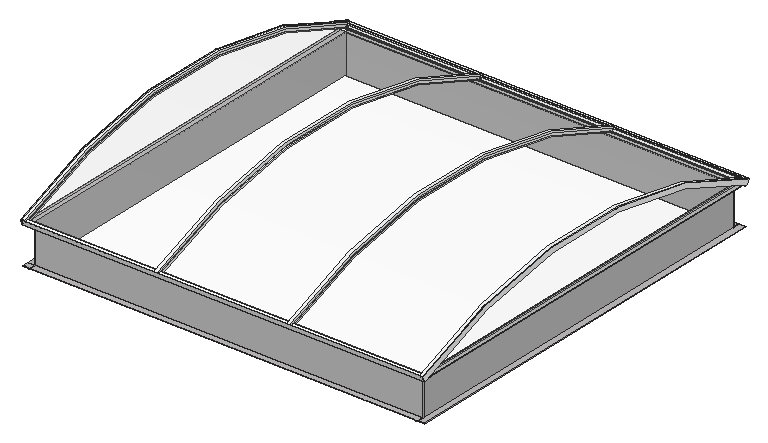
Revit family "Aluco Skylight Therm (pl)", category Modele ogólne, Revit 2020
Family settings
  Może być obiektem nadrzędnym dla zbrojenia = Nie
  Wymiar okrągłego złącza = Użyj średnicy
  Typ części = Normalny
  Numer OmniClass = 23.30.30.00
  Tytuł OmniClass = Skylights
  Oparty na płaszczyźnie roboczej = Tak
  Zawsze pionowo = Nie
  Tnij formami wycięć po wczytaniu = Nie
  Współdzielony = Nie
  Punkt obliczania pomieszczeń = Nie
Parameters
  ►Zakończenie prawe - widoczność [instance] = if(and(Podłużne nachylenie połaci = 0.00°, Zakończenie prawe), 1 < 2, 1 > 2)  # yes
  ►Wysokość pomocnicza - grubość [instance] = if([Grubość wypełnienia (wariant)] < 3, 24.2 mm, if([Grubość wypełnienia (wariant)] < 5, 29 mm, if([Grubość wypełnienia (wariant)] < 7, 33 mm, if([Grubość wypełnienia (wariant)] < 9, 38 mm, if([Grubość wypełnienia (wariant)] < 11, 33 mm, if([Grubość wypełnienia (wariant)] < 13, 39 mm, 45 mm))))))  # 33 mm
  ►Wysokość pomocnicza [instance] = Promień gięcia - 0.5 * sqrt((4 * ((Promień gięcia) ^ 2)) - ((Rozpiętość świetlika) ^ 2))  # 361.927 mm
  ►Wymiar pomocniczy [instance] = if(Podłużne nachylenie połaci > 0.00°, 400 mm, if(Poprzeczne nachylenie połaci > 0.00°, 0 mm, 180 mm))  # 180 mm
  ►Widoczność prawego zakończenia [instance] = if(Podłużne nachylenie połaci > 0.00°, 1 > 2, 1 < 2)  # yes
  ►Odsunięcie pomocnicze 3 [instance] = if(Podłużne nachylenie połaci > 0.00°, Długość otworu, Długość otworu + 1000 mm)  # 4000 mm
  ►Odsunięcie pomocnicze 2 [instance] = ►Odsunięcie pomocnicze 1 + [Zwężenie otworu (długość)]  # 3000 mm
  ►Odsunięcie pomocnicze 1 [instance] = if(Podłużne nachylenie połaci > 0.00°, 6000 mm, Długość otworu)  # 3000 mm
  ►Nachylenie połaci - obliczenia [instance] = if(Podłużne nachylenie połaci = 0.00°, 0.00°, if(Podłużne nachylenie połaci - Nachylenie połaci przeciwległej < 0.00°, Podłużne nachylenie połaci + (((Podłużne nachylenie połaci - Nachylenie połaci przeciwległej) * (-1)) / 2), if(Podłużne nachylenie połaci - Nachylenie połaci przeciwległej = 0.00°, Podłużne nachylenie połaci, Podłużne nachylenie połaci - ((Podłużne nachylenie połaci - Nachylenie połaci przeciwległej) / 2))))  # 0.00°
  Zwężenie otworu prawego (długość) [instance] = if(Podłużne nachylenie połaci > 0.00°, 100 mm, [Zwężenie otworu (długość)])  # 0 mm
  Zwężenie otworu (rozpiętość) [instance] = 0 mm
  Zwężenie otworu (długość) [instance] = 0 mm
  Zakończenie prawe [instance] = yes
  Zakończenie lewe [instance] = yes
  Wysokość podstawy [instance] = 300 mm
  Współczynnik przenikania ciepła [instance] = "Do weryfikacji po kontakcie z Producentem"  # constant formula
  URL produktu = "https://aluco.com.pl/oferta/swietliki-dachowe/swietliki-lukowe-aluco-skylight-sl/"
  URL = "https://aluco.com.pl/"
  Rozstaw podziału [instance] = (Długość świetlika - 28 mm) / (Ilość podziałów świetlika + 1)  # 1024 mm
  Rozpiętość świetlika [instance] = if(Rozpiętość otworu - 2 * [Zwężenie otworu (rozpiętość)] + 2 * Przestrzeń na izolację termiczną < 1500 mm, 1500 mm, if(Rozpiętość otworu - 2 * [Zwężenie otworu (rozpiętość)] + 2 * Przestrzeń na izolację termiczną > 6200 mm, 6200 mm, Rozpiętość otworu - 2 * [Zwężenie otworu (rozpiętość)] + 2 * Przestrzeń na izolację termiczną))  # 3100 mm
  Rozpiętość otworu [instance] = 3000 mm
  Rozpiętość [instance] = "od 1500 mm do 6200 mm"  # constant formula
  Przestrzeń na izolację termiczną (wariant) [instance] = 0
  Przestrzeń na izolację termiczną [instance] = if([Przestrzeń na izolację termiczną (wariant)] < 2, 50 mm, if([Przestrzeń na izolację termiczną (wariant)] < 3, 80 mm, if([Przestrzeń na izolację termiczną (wariant)] < 4, 100 mm, if([Przestrzeń na izolację termiczną (wariant)] < 5, 150 mm, 200 mm))))  # 50 mm
  Promień gięcia' [instance] = Promień gięcia - 5 mm  # 3495 mm
  Promień gięcia" [instance] = Promień gięcia + Grubość płyty + 15 mm  # 3535 mm
  Promień gięcia [instance] = 175 * Grubość płyty  # 3500 mm
  Producent = "ALUCO SYSTEM SP. Z O.O"  # constant formula
  Poprzeczne nachylenie połaci [instance] = 0.00°
  Opis = "Pasma świetlne wykonane zgodnie z wymaganiami normy PN-EN14963:2006, ze znakowaniem CE"  # constant formula
  Odporność na obciążenie odrywające = "UL 2500"  # constant formula
  Odporność na obciążenie dociskające = "DL 2500"  # constant formula
  Obraz typu = ALUCO SKYLIGHT SL.png
  Nachylenie połaci przeciwległej [instance] = 0.00°
  Podłużne nachylenie połaci [instance] = 0.00°
  Model = "Skylight Therm"  # constant formula
  Materiał płyt = Aluco - poliwęglan
  Materiał profili = Aluco - aluminium
  Materiał podstawy = Aluco - stal ocynkowana
  Kraty antyupadkowe ALUCO SAFETY GRID [instance] = yes
  Komentarze do typu = "Pasma świetlne łukowe"
  Klasa bezpieczeństwa przed upadkiem z wysokości = "SB 1200"  # constant formula
  Klasa bezpieczeństwa pożarowego = "BRoof (t1)"  # constant formula
  Karta katalogowa [instance] = "https://aluco.com.pl/download/AlucoSkylight.pdf"
  Ilość profili łukowych [instance] = if(0 = 0, Ilość podziałów świetlika + 2, Ilość podziałów świetlika + 2)  # 4
  Ilość podziałów świetlika [instance] = roundup((Długość świetlika - 28 mm) / 1050 mm) - 1  # 2
  IfcExportAs = "\"IfcWindowType\""
  Grubość wypełnienia (wariant) [instance] = 6
  Grubość płyty [instance] = if([Grubość wypełnienia (wariant)] < 3, 10 mm, if([Grubość wypełnienia (wariant)] < 5, 16 mm, if([Grubość wypełnienia (wariant)] < 7, 20 mm, if([Grubość wypełnienia (wariant)] < 9, 25 mm, if([Grubość wypełnienia (wariant)] < 11, 20 mm, if([Grubość wypełnienia (wariant)] < 13, 26 mm, 32 mm))))))  # 20 mm
  Grubość blachy podstawy (wariant) [instance] = 1
  Grubość blachy podstawy [instance] = if([Grubość blachy podstawy (wariant)] < 2, 1.5 mm, 2 mm)  # 1.5 mm
  Długość świetlika [instance] = Długość otworu - 2 * [Zwężenie otworu (długość)] + 2 * Przestrzeń na izolację termiczną  # 3100 mm
  Długość otworu [instance] = 3000 mm
  Default Elevation = 0 mm  # constant formula
Reference planes
  plane 1 "Środek (Przód/Tył)": y = 0
  plane 2: z = 0
  plane 3 "Środek (Lewa/Prawa)": x = 0
  plane 4: x = 3000
  plane 5: y = -1500
  plane 6: y = 1500
  plane 7: x = -50
  plane 8: y = -1550
  plane 9: y = 1550
  plane 10: x = 3050
  plane 11: x = 1500
  plane 12: z = 300
  plane 13: z = -800.014
  plane 14: y = -1500
  plane 15: y = 1500
  plane 16: x = 3000
  plane 17: z = 0
  plane 18: z = 298.5
  plane 19: z = 1.5
  plane 20: x = 0
  plane 21: z = 661.927
  plane 22: z = 300
  plane 23: z = 694.927
  plane 24 "Odsunięcie 2": x = 3000
  plane 25 "Odsunięcie 1": x = 3000
  plane 26: x = 3660
  plane 27: x = 4000
  plane 28 "Odsunięcie 4": x = 3000
  plane 29 "Odsunięcie 5": x = 3050
Forms (mm)
  Extrusion 1, solid, material "Aluco - poliwęglan" <- "Materiał płyt", visible <- "Zakończenie lewe", detail levels medium+fine
    sketch origin (-50, 2000, 1200) x (0, 1, 0) y (0, 0, 1)
      loop
        line (-3550, -900) -> (-450, -900)
        arc (-450, -900) -> (-2000, -538.073) -> (-3550, -900) r 3500
    from 0 to 20
  Sweep 2, solid, material "Aluco - aluminium" <- "Materiał profili", detail levels fine
    path in 3D
      loop
        line (-50, 1558.857, 317.932) -> (3050, 1558.857, 317.932)
    profile "Profil prosty : Profil prosty" origin (1500, 1558.857, 317.932) x (0, -0.442857, -0.896592) y (0, 0.896592, -0.442857)
      loop
        line (26.358, 0) -> (33.614, 0) -> (33.614, 4.683) -> (-16.625, 4.683) -> (-16.625, 3.483) -> (-6, 3.483) -> (-6, -20) -> (0, -20) -> (0, 0) -> (20, 0) -> (20, -31.791) -> (26.358, -31.791) -> (26.358, 0)
  Sweep 3, solid, material "Aluco - poliwęglan" <- "Materiał płyt", detail levels medium+fine
    path in 3D
      loop
        arc (3050, -1550, 300) -> (3050, 0, 661.927) -> (3050, 1550, 300) r 3500
    profile origin (3050, 0, 661.927) x (0, 0, 1) y (1, 0, 0)
      loop
        line (0, 0) -> (0, -3100) -> (20, -3100) -> (20, 0) -> (0, 0)
  Sweep 4, solid, material "Aluco - aluminium" <- "Materiał profili", detail levels fine
    path in 3D
      loop
        line (3050, -1558.857, 317.932) -> (-50, -1558.857, 317.932)
    profile "Profil prosty : Profil prosty" origin (1500, -1558.857, 317.932) x (0, 0.442857, -0.896592) y (0, -0.896592, -0.442857)
      loop
        line (26.358, 0) -> (33.614, 0) -> (33.614, 4.683) -> (-16.625, 4.683) -> (-16.625, 3.483) -> (-6, 3.483) -> (-6, -20) -> (0, -20) -> (0, 0) -> (20, 0) -> (20, -31.791) -> (26.358, -31.791) -> (26.358, 0)
  Sweep 5, solid, material "Aluco - stal ocynkowana" <- "Materiał podstawy", detail levels medium+fine
    path in 3D
      loop
        line (3000, 1550, 0) -> (-50, 1550, 0)
    profile "Podstawa : Przód/Tył" origin (1475, 1550, 0) x (0, -1, 0) y (0, 0, 1)
      loop
        line (51.5, 0) -> (51.5, 300) -> (0, 300) -> (0, 298.5) -> (50, 298.5) -> (50, 1.5) -> (0, 1.5) -> (0, 0) -> (12, 0) -> (51.5, 0)
  Sweep 6, solid, material "Aluco - stal ocynkowana" <- "Materiał podstawy", detail levels medium+fine
    path in 3D
      loop
        line (-50, -1550, 0) -> (3000, -1550, 0)
    profile "Podstawa : Przód/Tył" origin (1475, -1550, 0) x (0, 1, 0) y (0, 0, 1)
      loop
        line (51.5, 0) -> (51.5, 300) -> (0, 300) -> (0, 298.5) -> (50, 298.5) -> (50, 1.5) -> (0, 1.5) -> (0, 0) -> (12, 0) -> (51.5, 0)
  Sweep 7, solid, material "Aluco - stal ocynkowana" <- "Materiał podstawy", detail levels medium+fine
    path in 3D
      loop
        line (-50, 1550, 0) -> (-50, 1500, 0) -> (-50, 0, 0) -> (-50, -1500, 0) -> (-50, -1550, 0)
    profile "Podstawa : Prawo/Lewo" origin (-50, 1525, 0) x (1, 0, 0) y (0, 0, 1)
      loop
        line (51.5, 0) -> (51.5, 300) -> (0, 300) -> (0, 298.5) -> (50, 298.5) -> (50, 1.5) -> (0, 1.5) -> (0, 0) -> (12, 0) -> (51.5, 0)
  Sweep 8, solid, material "Aluco - stal ocynkowana" <- "Materiał podstawy", visible <- "►Widoczność prawego zakończenia", detail levels medium+fine
    path in 3D
      loop
        line (3050, 1550, 0) -> (3050, 1500, 0) -> (3050, 0, 0) -> (3050, -1500, 0) -> (3050, -1550, 0)
    profile "Podstawa : Prawo/Lewo" origin (3050, -1525, 0) x (1, 0, 0) y (0, 0, 1)
      loop
        line (-51.5, 0) -> (-12, 0) -> (0, 0) -> (0, 1.5) -> (-50, 1.5) -> (-50, 298.5) -> (0, 298.5) -> (0, 300) -> (-51.5, 300) -> (-51.5, 0)
  Extrusion 9, solid, material "Aluco - krata antyupadkowa", visible <- "Kraty antyupadkowe ALUCO SAFETY GRID", detail levels medium+fine
    sketch origin (7303.2, -1436.636, 300) x (0, -1, 0) y (1, 0, 0)
      loop
        line (-2936.636, -7303.2) -> (63.364, -7303.2) -> (63.364, -4303.2) -> (-2936.636, -4303.2) -> (-2936.636, -7303.2)
    from 0 to -5
  Extrusion 10, void
    sketch origin (0, 0, 0) x (1, 0, 0) y (0, 0, 1)
      loop
        line (3000, 298.5) -> (3000, 1.5) -> (3000, -98.5) -> (3660, -98.5) -> (3660, 300) -> (3000, 300) -> (3000, 298.5)
    from -7763.73 to 8722.83
  Extrusion 11, void
    sketch origin (3000, 0, 0) x (-1, 0, 0) y (0, 0, -1)
      loop
        line (3000, -298.5) -> (3000, -300) -> (3823.374, -300) -> (3823.374, -1.5) -> (3000, -1.5) -> (3000, -298.5)
    from -6758.137 to 7862.369
  Extrusion 12, solid, material "Aluco - poliwęglan" <- "Materiał płyt", visible <- "►Zakończenie prawe - widoczność", detail levels medium+fine
    sketch origin (3050, 2000, 1200) x (0, 1, 0) y (0, 0, 1)
      loop
        line (-3550, -900) -> (-450, -900)
        arc (-450, -900) -> (-2000, -538.073) -> (-3550, -900) r 3500
    from -25 to 0
  Extrusion 13, void
    sketch origin (3050, 2000, 1200) x (0, 1, 0) y (0, 0, 1)
      loop
        line (-3500, -901.5) -> (-3500, -900) -> (-7785.043, -900) -> (-7785.043, -1198.5) -> (-3500, -1198.5) -> (-3500, -901.5)
    from -7978.09 to 4431.719
  Extrusion 14, void
    sketch origin (3050, 2000, 1200) x (0, 1, 0) y (0, 0, 1)
      loop
        line (-500, -900) -> (-500, -901.5) -> (-500, -1198.5) -> (2200, -1198.5) -> (2200, -900) -> (-500, -900)
    from -11160.481 to 8052.434
  Sweep 15, void
    path in 3D
      loop
        line (3050, 1550, 0) -> (3050, 1500, 0) -> (3050, 0, 0) -> (3050, -1500, 0) -> (3050, -1550, 0)
    profile origin (3050, -1525, 0) x (1, 0, 0) y (0, 0, 1)
      loop
        line (130, 300) -> (130, 0) -> (2288.5, 0) -> (2288.5, 300) -> (130, 300)
  Sweep 16, void
    path in 3D
      loop
        line (-50, 1550, 0) -> (-50, 1500, 0) -> (-50, 0, 0) -> (-50, -1500, 0) -> (-50, -1550, 0)
    profile origin (-50, 1525, 0) x (1, 0, 0) y (0, 0, 1)
      loop
        line (-1237.782, 300) -> (-1237.782, 0) -> (-130, 0) -> (-130, 300) -> (-1237.782, 300)
  Extrusion 17, solid, material "Aluco - aluminium" <- "Materiał profili", visible <- "Zakończenie prawe", detail levels fine
    sketch origin (3050, 0, -2838.073) x (0, 0.896592, 0.442857) y (0, -0.442857, 0.896592)
      loop
        line (-4.683, 3532.997) -> (-4.683, 3494.997)
        arc (-4.683, 3494.997) -> (1547.786, 3133.59) -> (2778.309, 2120.384) r 3495
        line (2778.309, 2120.384) -> (2808.485, 2143.478)
        arc (2808.485, 2143.478) -> (1564.614, 3167.66) -> (-4.683, 3532.997) r 3533
    from 0 to 5
  Extrusion 18, solid, material "Aluco - aluminium" <- "Materiał profili", detail levels fine
    sketch origin (-50, 0, -2838.073) x (0, -0.442857, 0.896592) y (0, 0.896592, 0.442857)
      loop
        arc (3532.997, -4.683) -> (3167.66, 1564.614) -> (2143.478, 2808.485) r 3533
        line (2143.478, 2808.485) -> (2120.384, 2778.309)
        arc (2120.384, 2778.309) -> (3133.59, 1547.786) -> (3494.997, -4.683) r 3495
        line (3494.997, -4.683) -> (3532.997, -4.683)
    from 0 to 5
  Extrusion 19, void
    sketch origin (0, 0, 0) x (1, 0, 0) y (0, 0, 1)
      loop
        line (3660, 694.927) -> (3660, 0) -> (4000, 0) -> (4000, 694.927) -> (3660, 694.927)
    from -7702.997 to 8662.235
  Extrusion 20, solid, detail levels coarse
    sketch origin (5150, 0, -1762.189) x (0, 0.807925, 0.589286) y (0, -0.589286, 0.807925)
      loop
        line (-15.4, 2609.189) -> (-213.85, 2337.109) -> (2290.716, 510.323) -> (2489.167, 782.403)
        arc (2489.167, 782.403) -> (1447.944, 1985.165) -> (-15.4, 2609.189) r 3533
    from -2100 to -5200
Cuts and joins
  Extrusion 11, Sweep 16, Extrusion 19 cuts Extrusion 1
  Extrusion 11, Extrusion 13, Extrusion 14 cuts Sweep 8
  Extrusion 10, Extrusion 11, Extrusion 19 cuts Sweep 6
  Extrusion 10, Extrusion 11, Extrusion 19 cuts Sweep 5
  Extrusion 19 cuts Sweep 2
  Extrusion 19 cuts Sweep 4
  Extrusion 11, Sweep 15, Extrusion 19 cuts Extrusion 9
  Extrusion 13, Extrusion 14, Extrusion 19 cuts Sweep 7
  Sweep 15 cuts Extrusion 12
  Extrusion 19 cuts Sweep 3
  Extrusion 19 cuts Extrusion 18
Lines and regions (mm)
  reference lines
    curve 1: line (-50, 1550, 0) -> (-50, -1550, 0)
    curve 2: line (-50, -1550, 0) -> (3000, -1550, 0)
    curve 3: line (3050, -1550, 0) -> (3050, 1550, 0)
    curve 4: line (3000, 1550, 0) -> (-50, 1550, 0)
    curve 5: line (0, 1500, 0) -> (3000, 1500, 0)
    curve 6: line (3000, 1500, 0) -> (3000, -1500, 0)
    curve 7: line (3000, -1500, 0) -> (0, -1500, 0)
    curve 8: line (0, -1500, 0) -> (0, 1500, 0)
    curve 9: arc (0, -1550, 300) -> (0, 0, 661.927) -> (0, 1550, 300) r 3500
    curve 10: line (-30, 50, 0) -> (-30, -50, 0)
    curve 11: line (3030, 50, 0) -> (3030, -50, 0)
    curve 12: line (0, 0, 298.5) -> (3000, 0, 298.5)
    curve 13: line (3050, -1500, 0) -> (3050, 0, 0)
    curve 14: line (3050, 1500, 0) -> (3050, 0, 0)
    curve 15: line (3050, 1550, 0) -> (3050, 1500, 0)
    curve 16: line (3050, -1500, 0) -> (3050, -1550, 0)
    curve 19: line (-50, 1550, 0) -> (-50, 1500, 0)
    curve 20: line (-50, -1400, 0) -> (-50, 0, 0)
    curve 21: line (-50, 0, 0) -> (-50, 1500, 0)
    curve 35: line (3050, 1550, 0) -> (3050, 1500, 0)
    curve 36: line (-50, -1500, 0) -> (-50, -1550, 0)
  sketch lines
    curve 17: line (3000, 1550, 0) -> (-50, 1550, 0)
    curve 18: line (-50, -1550, 0) -> (3000, -1550, 0)
    curve 22: line (-50, 1550, 0) -> (-50, 1500, 0)
    curve 23: line (-50, 0, 0) -> (-50, 1500, 0)
    curve 24: line (3050, -1500, 0) -> (3050, -1550, 0)
    curve 25: line (3050, -1500, 0) -> (3050, 0, 0)
    curve 26: line (3050, 1500, 0) -> (3050, 0, 0)
    curve 27: line (3050, 1550, 0) -> (3050, 1500, 0)
    curve 28: arc (3050, -1550, 300) -> (3050, 0, 661.927) -> (3050, 1550, 300) r 3500
    curve 29: line (3050, -1558.857, 317.932) -> (-50, -1558.857, 317.932)
    curve 30: line (-50, 1558.857, 317.932) -> (3050, 1558.857, 317.932)
    curve 31: line (3050, -1500, 0) -> (3050, -1550, 0)
    curve 32: line (3050, -1500, 0) -> (3050, 0, 0)
    curve 33: line (3050, 1500, 0) -> (3050, 0, 0)
    curve 34: line (3050, 1550, 0) -> (3050, 1500, 0)
    curve 37: line (-50, -1500, 0) -> (-50, 0, 0)
    curve 38: line (-50, -1500, 0) -> (-50, -1550, 0)
    curve 39: line (-50, 1550, 0) -> (-50, 1500, 0)
    curve 40: line (-50, 0, 0) -> (-50, 1500, 0)
    curve 41: line (-50, -1500, 0) -> (-50, 0, 0)
    curve 42: line (-50, -1500, 0) -> (-50, -1550, 0)
Dimensions and locks
  "Długość otworu": plane 3 "Środek (Lewa/Prawa)" to plane 4
  equal spacing: plane 3 "Środek (Lewa/Prawa)", plane 11, plane 4
  equal spacing: plane 7, plane 11, plane 10
  "Długość świetlika": plane 7 to plane 10
  equal spacing: plane 5, plane 1 "Środek (Przód/Tył)", plane 6
  equal spacing: plane 9, plane 1 "Środek (Przód/Tył)", plane 8
  "Rozpiętość otworu": plane 5 to plane 6
  "Rozpiętość świetlika": plane 9 to plane 8
  "Przestrzeń na izolację termiczną": plane 6 to curve 4
  "Przestrzeń na izolację termiczną": curve 1 to plane 3 "Środek (Lewa/Prawa)"
  "Przestrzeń na izolację termiczną": plane 4 to curve 3
  "Przestrzeń na izolację termiczną": plane 5 to curve 2
  "Przestrzeń na izolację termiczną": plane 7 to curve 8
  "Przestrzeń na izolację termiczną": curve 6 to plane 10
  "Przestrzeń na izolację termiczną": curve 7 to plane 8
  "Przestrzeń na izolację termiczną": curve 5 to plane 9
  "Wysokość podstawy": plane 12 to level
  "Grubość płyty": plane 7 to curve 10
  "Grubość płyty": curve 11 to plane 10
  "Grubość blachy podstawy": plane 12 to curve 12
  "Grubość płyty": Sweep 3 sketch curve to Sweep 3 sketch curve
  equal spacing: group 2, group 4, group 3, group 1
  equal spacing: group 1, group 3, group 4, group 2  (x2)
  plane 2 to plane 13 = 800.014 mm
  "Przestrzeń na izolację termiczną": plane 14 to plane 8
  "Przestrzeń na izolację termiczną": plane 9 to plane 15
  "Zwężenie otworu prawego (długość)": plane 4 to plane 16
  "Grubość blachy podstawy": plane 12 to plane 18
  "Grubość blachy podstawy": plane 19 to plane 17
  "Zwężenie otworu (długość)": plane 3 "Środek (Lewa/Prawa)" to plane 20
  Extrusion 13 to plane 19 = 298.5 mm
  "Wysokość podstawy": Sweep 15 sketch curve to plane 17
  locked: Sweep 15 sketch curve to plane 16 at 2338.5
  "►Wymiar pomocniczy": Sweep 15 sketch curve to plane 16
  locked: Sweep 16 sketch curve to plane 20 at 1287.782
  "►Wymiar pomocniczy": Sweep 16 sketch curve to plane 20
  locked: plane 22 to plane 18 at 1.5
  "►Wysokość pomocnicza": plane 21 to plane 22
  "►Wysokość pomocnicza - grubość": plane 23 to plane 21
  "Zwężenie otworu (długość)": plane 24 "Odsunięcie 2" to plane 25 "Odsunięcie 1"
  locked: plane 26 to plane 24 "Odsunięcie 2" at 660
  "►Odsunięcie pomocnicze 1": plane 25 "Odsunięcie 1" to plane 3 "Środek (Lewa/Prawa)"
  "►Odsunięcie pomocnicze 2": plane 24 "Odsunięcie 2" to plane 3 "Środek (Lewa/Prawa)"
  "►Odsunięcie pomocnicze 3": plane 3 "Środek (Lewa/Prawa)" to plane 27
  "Zwężenie otworu (długość)": plane 25 "Odsunięcie 1" to plane 28 "Odsunięcie 4"
  locked: plane 29 "Odsunięcie 5" to plane 28 "Odsunięcie 4" at 50
  "Promień gięcia": radius of curve 9
  "Poprzeczne nachylenie połaci": angle curve 8 to curve 13
  "Poprzeczne nachylenie połaci": angle curve 14 to curve 8
  "Poprzeczne nachylenie połaci": angle level to curve 20
  "Poprzeczne nachylenie połaci": angle curve 21 to level
  "►Nachylenie połaci - obliczenia": angle Extrusion 19 sketch curve to plane 27
  aligned and locked: level to plane 2
  aligned and locked: plane 8 to curve 9
  aligned and locked: plane 12 to curve 9
  aligned and locked: plane 9 to curve 9
  aligned and locked: Extrusion 1 sketch curve to curve 9
  aligned and locked: Extrusion 1 sketch curve to plane 12
  aligned and locked: Extrusion 1 to curve 10
  aligned and locked: Sweep 3 sketch curve to cut or joined group of Extrusion 1, Extrusion 11, Sweep 16, Extrusion 19
  aligned and locked: nested 1 to plane 10
  aligned and locked: nested 2 to plane 7
  aligned and locked: nested 1 to plane 12
  aligned and locked: nested 2 to plane 12
  aligned and locked: curve 2 to curve 16
  aligned and locked: plane 14 to curve 16
  aligned and locked: curve 16 to curve 3
  aligned and locked: plane 15 to curve 15
  aligned and locked: curve 15 to curve 3
  aligned and locked: plane 14 to curve 13
  aligned and locked: curve 19 to curve 5
  aligned and locked: plane 15 to curve 21
  aligned and locked: curve 1 to curve 21
  aligned and locked: plane 1 "Środek (Przód/Tył)" to curve 20
  aligned and locked: plane 1 "Środek (Przód/Tył)" to curve 14
  aligned and locked: plane 15 to curve 14
  aligned and locked: level to curve 13
  aligned and locked: plane 14 to Extrusion 9 sketch curve
  aligned and locked: Extrusion 9 sketch curve to plane 15
  aligned and locked: Extrusion 9 sketch curve to curve 6
  aligned and locked: Extrusion 9 sketch curve to curve 8
  aligned and locked: Extrusion 10 sketch curve to plane 12
  aligned and locked: plane 19 to Extrusion 11 sketch curve
  aligned and locked: plane 12 to Extrusion 11 sketch curve
  aligned and locked: plane 20 to Extrusion 11 sketch curve
  aligned and locked: plane 3 "Środek (Lewa/Prawa)" to Extrusion 11 sketch curve
  aligned and locked: Extrusion 12 to plane 12
  aligned and locked: plane 12 to Extrusion 13 sketch curve
  aligned and locked: plane 19 to Extrusion 13 sketch curve
  aligned and locked: plane 5 to Extrusion 13 sketch curve
  aligned and locked: plane 14 to Extrusion 13 sketch curve
  aligned and locked: Extrusion 13 sketch curve to plane 19
  aligned and locked: plane 15 to Extrusion 14 sketch curve
  aligned and locked: Extrusion 14 sketch curve to plane 19
  aligned and locked: plane 6 to Extrusion 14 sketch curve
  aligned and locked: Extrusion 14 sketch curve to plane 15
  aligned and locked: plane 18 to Extrusion 14 sketch curve
  aligned and locked: plane 12 to Extrusion 14 sketch curve
  aligned and locked: Extrusion 12 sketch curve to curve 9
  aligned and locked: Sweep 15 sketch curve to plane 17
  aligned and locked: curve 1 to curve 36
  aligned and locked: plane 3 "Środek (Lewa/Prawa)" to curve 9
  aligned and locked: Sweep 16 sketch curve to plane 12
  aligned and locked: Sweep 16 sketch curve to plane 2
  aligned and locked: plane 26 to Extrusion 10 sketch curve
  aligned and locked: Extrusion 19 sketch curve to plane 26
  aligned and locked: plane 27 to Extrusion 19 sketch curve
  aligned and locked: Extrusion 10 sketch curve to plane 25 "Odsunięcie 1"
  aligned and locked: plane 29 "Odsunięcie 5" to Sweep 3 sketch curve
  aligned and locked: plane 25 "Odsunięcie 1" to curve 2
  aligned and locked: plane 25 "Odsunięcie 1" to curve 4
  aligned and locked: plane 28 "Odsunięcie 4" to Extrusion 10 sketch curve
  aligned and locked: plane 18 to Extrusion 10 sketch curve
  aligned and locked: plane 8 to Extrusion 20 sketch curve
  aligned and locked: plane 9 to Extrusion 20 sketch curve
  aligned and locked: Extrusion 20 sketch curve to Extrusion 17
  aligned and locked: Extrusion 20 to plane 7
  aligned and locked: plane 10 to Extrusion 20
Automatic sketch dimensions
  Extrusion 13 sketch curve to plane 18 = 0 mm
  Extrusion 13 sketch curve to plane 5 = 4285.043 mm
  Extrusion 14 sketch curve to plane 6 = 2700 mm
  Extrusion 11 sketch curve to plane 18 = 0 mm
  plane 3 "Środek (Lewa/Prawa)" to Extrusion 11 sketch curve = 823.374 mm
  Extrusion 12 sketch curve to plane 8 = 0 mm
  Extrusion 17 sketch curve to nested 1 = 4.683 mm  (x3)
  Extrusion 18 sketch curve to nested 2 = 4.683 mm  (x3)
  Extrusion 10 sketch curve to plane 19 = 0 mm
  Extrusion 10 sketch curve to level = 98.5 mm
  level to Extrusion 20 sketch curve = 0 mm
  curve 36 to plane 5 = 0 mm
  plane 6 to curve 35 = 0 mm
  curve 35 to plane 9 = 0 mm
  plane 1 "Środek (Przód/Tył)" to curve 11 = 50 mm
  plane 1 "Środek (Przód/Tył)" to curve 10 = 50 mm
  curve 10 to plane 1 "Środek (Przód/Tył)" = 50 mm
  curve 11 to plane 1 "Środek (Przód/Tył)" = 50 mm
  curve 12 to plane 3 "Środek (Lewa/Prawa)" = 0 mm
  curve 12 to plane 4 = 0 mm
  curve 9 to plane 1 "Środek (Przód/Tył)" = 0 mm
  Sweep 3 sketch curve to profile plane = 0 mm
  Extrusion 19 sketch curve to level = 0 mm
  Extrusion 19 sketch curve to plane 23 = 0 mm
  radius of Extrusion 17 sketch curve to nested 1 = 0 mm
  radius of Extrusion 17 sketch curve to nested 1 = 25 mm
  radius of Extrusion 18 sketch curve to nested 2 = 0 mm
  radius of Extrusion 18 sketch curve to nested 2 = 25 mm
Nested families
  nested 1: "Profil łukowy" at (3036, 0, 300), Rozpiętość otworu <- "Rozpiętość otworu", Zwężenie otworu (rozpiętość) <- "Zwężenie otworu (rozpiętość)", Materiał <- "Materiał profili", Przestrzeń na izolację termiczną <- "Przestrzeń na izolację termiczną", Grubość wypełnienia (wariant) <- "Grubość wypełnienia (wariant)", type "Profil łukowy", detail levels fine
    with Zwężenie otworu (rozpiętość) 0 mm, Rozpiętość świetlika 3100 mm, Rozpiętość otworu 3000 mm, Przestrzeń na izolację termiczną 50 mm, Promień gięcia 3500 mm, Materiał Aluco - aluminium, Grubość wypełnienia (wariant) 6, Grubość płyty 20 mm, Grubość profilu 27 mm
  nested 2: "Profil łukowy" at (-36, 0, 300), Rozpiętość otworu <- "Rozpiętość otworu", Zwężenie otworu (rozpiętość) <- "Zwężenie otworu (rozpiętość)", Materiał <- "Materiał profili", Przestrzeń na izolację termiczną <- "Przestrzeń na izolację termiczną", Grubość wypełnienia (wariant) <- "Grubość wypełnienia (wariant)", type "Profil łukowy", detail levels fine
    with Zwężenie otworu (rozpiętość) 0 mm, Rozpiętość świetlika 3100 mm, Rozpiętość otworu 3000 mm, Przestrzeń na izolację termiczną 50 mm, Promień gięcia 3500 mm, Materiał Aluco - aluminium, Grubość wypełnienia (wariant) 6, Grubość płyty 20 mm, Grubość profilu 27 mm
  nested 3: "Profil łukowy" at (2012, 0, 300), Rozpiętość otworu <- "Rozpiętość otworu", Zwężenie otworu (rozpiętość) <- "Zwężenie otworu (rozpiętość)", Materiał <- "Materiał profili", Przestrzeń na izolację termiczną <- "Przestrzeń na izolację termiczną", Grubość wypełnienia (wariant) <- "Grubość wypełnienia (wariant)", type "Profil łukowy", detail levels fine
    with Zwężenie otworu (rozpiętość) 0 mm, Rozpiętość świetlika 3100 mm, Rozpiętość otworu 3000 mm, Przestrzeń na izolację termiczną 50 mm, Promień gięcia 3500 mm, Materiał Aluco - aluminium, Grubość wypełnienia (wariant) 6, Grubość płyty 20 mm, Grubość profilu 27 mm
  nested 4: "Profil łukowy" at (988, 0, 300), Rozpiętość otworu <- "Rozpiętość otworu", Zwężenie otworu (rozpiętość) <- "Zwężenie otworu (rozpiętość)", Materiał <- "Materiał profili", Przestrzeń na izolację termiczną <- "Przestrzeń na izolację termiczną", Grubość wypełnienia (wariant) <- "Grubość wypełnienia (wariant)", type "Profil łukowy", detail levels fine
    with Zwężenie otworu (rozpiętość) 0 mm, Rozpiętość świetlika 3100 mm, Rozpiętość otworu 3000 mm, Przestrzeń na izolację termiczną 50 mm, Promień gięcia 3500 mm, Materiał Aluco - aluminium, Grubość wypełnienia (wariant) 6, Grubość płyty 20 mm, Grubość profilu 27 mm
Definition of nested family "Profil łukowy"
  Parameters (values of type "Profil łukowy")
    Zwężenie otworu (rozpiętość) [instance] = 200 mm
    Define Thermal Properties by = 1
    Rozpiętość świetlika [instance] = if(Rozpiętość otworu - 2 * [Zwężenie otworu (rozpiętość)] + 2 * Przestrzeń na izolację termiczną < 1500 mm, 1500 mm, if(Rozpiętość otworu - 2 * [Zwężenie otworu (rozpiętość)] + 2 * Przestrzeń na izolację termiczną > 6200 mm, 6200 mm, Rozpiętość otworu - 2 * [Zwężenie otworu (rozpiętość)] + 2 * Przestrzeń na izolację termiczną))  # 1500 mm
    Rozpiętość otworu [instance] = 1000 mm
    Przestrzeń na izolację termiczną [instance] = 150 mm
    Promień gięcia [instance] = 175 * Grubość płyty  # 1750 mm
    Materiał [instance] = none
    Analytic Construction = "<Brak>"
    Grubość wypełnienia (wariant) [instance] = 1
    Grubość płyty [instance] = if([Grubość wypełnienia (wariant)] < 3, 10 mm, if([Grubość wypełnienia (wariant)] < 5, 16 mm, if([Grubość wypełnienia (wariant)] < 7, 20 mm, if([Grubość wypełnienia (wariant)] < 9, 25 mm, if([Grubość wypełnienia (wariant)] < 11, 20 mm, if([Grubość wypełnienia (wariant)] < 13, 26 mm, 32 mm))))))  # 10 mm
    Grubość profilu [instance] = Grubość płyty + 7 mm  # 17 mm
    Default Elevation = 0 mm
  Reference planes
    plane 1 "Środek (Przód/Tył)": y = 0
    plane 2: z = 0
    plane 3 "Środek (Lewa/Prawa)": x = 0
    plane 4: y = -500
    plane 5: y = 500
    plane 6: y = -750
    plane 7: y = 750
    plane 8: z = 0
  Forms (mm)
    Extrusion 1, solid, not visible
      sketch origin (0, 0, 0) x (0, 1, 0) y (0, 0, 1)
        loop
          line (-750, 0) -> (750, 0)
          arc (750, 0) -> (0, 168.861) -> (-750, 0) r 1750
      from 14 to -14
    Sweep 2, solid, material <- "Materiał"
      path in 3D
        loop
          arc (0, -750, 0) -> (0, 0, 168.861) -> (0, 750, 0) r 1750
      profile origin (0, 0, 168.861) x (0, 0, 1) y (1, 0, 0)
        loop
          line (0, -14) -> (0, -2.5) -> (10, -2.5) -> (10, -14) -> (23, -14) -> (23, 14) -> (10, 14) -> (10, 2.5) -> (0, 2.5) -> (0, 14) -> (-5, 14) -> (-5, -14) -> (0, -14)
  Lines and regions (mm)
    reference lines
      curve 1: line (-150, -650, 0) -> (6150, -650, 0)
      curve 2: line (6150, 650, 0) -> (-150, 650, 0)
      curve 3: line (500, 600, 0) -> (5500, 600, 0)
      curve 4: line (5500, -600, 0) -> (500, -600, 0)
      curve 5: arc (0, -750, 0) -> (0, 0, 168.861) -> (0, 750, 0) r 1750
    sketch lines
      curve 6: arc (0, -750, 0) -> (0, 0, 168.861) -> (0, 750, 0) r 1750
  Dimensions and locks
    equal spacing: plane 4, plane 1 "Środek (Przód/Tył)", plane 5
    equal spacing: plane 7, plane 1 "Środek (Przód/Tył)", plane 6
    "Rozpiętość otworu": plane 4 to plane 5
    "Rozpiętość świetlika": plane 7 to plane 6
    "Przestrzeń na izolację termiczną": plane 5 to curve 2
    "Przestrzeń na izolację termiczną": plane 4 to curve 1
    "Przestrzeń na izolację termiczną": curve 4 to plane 6
    "Przestrzeń na izolację termiczną": curve 3 to plane 7
    "Grubość płyty": Sweep 2 sketch curve to profile plane
    "Promień gięcia": radius of curve 5
    aligned and locked: level to plane 2
    aligned and locked: plane 6 to curve 5
    aligned and locked: plane 8 to curve 5  (x2)
    aligned and locked: plane 7 to curve 5
    aligned and locked: Extrusion 1 sketch curve to curve 5
    aligned and locked: Extrusion 1 sketch curve to plane 8
  Automatic sketch dimensions
    curve 2 to plane 3 "Środek (Lewa/Prawa)" = 150 mm
    curve 1 to plane 3 "Środek (Lewa/Prawa)" = 150 mm
    plane 3 "Środek (Lewa/Prawa)" to curve 3 = 500 mm
    plane 3 "Środek (Lewa/Prawa)" to curve 4 = 500 mm
    curve 3 to curve 3 = 5000 mm
    curve 4 to curve 3 = 0 mm
    curve 3 to curve 2 = 650 mm
    curve 4 to curve 1 = 650 mm
    Sweep 2 sketch curve to profile plane = 0 mm  (x2)
    profile plane to Sweep 2 sketch curve = 5 mm
    Sweep 2 sketch curve to Sweep 2 sketch curve = 0 mm  (x2)
    Sweep 2 sketch curve to Sweep 2 sketch curve = 13 mm
    Sweep 2 sketch curve to profile plane = 14 mm
    Sweep 2 sketch curve to profile plane = 2.5 mm
    profile plane to Sweep 2 sketch curve = 2.5 mm
    Sweep 2 sketch curve to Sweep 2 sketch curve = 11.5 mm  (x2)
